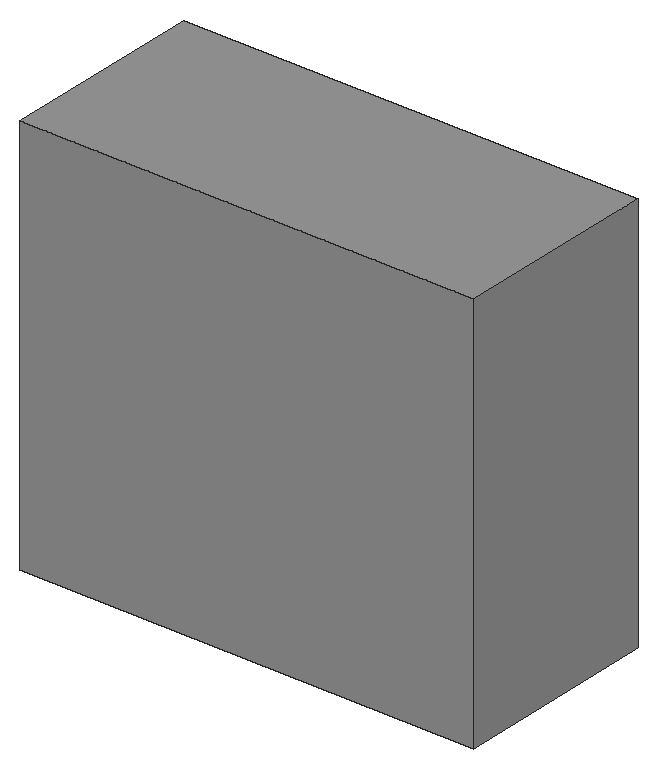
Revit family "AVLN_Тумба", category Мебель, Revit 2019
Family settings
  Номер OmniClass = 23.40.20.00
  Заголовок OmniClass = General Furniture and Specialties
  На основе рабочей плоскости = Нет
  Всегда вертикально = Да
  При загрузке вырезать с полостями = Нет
  Общий = Нет
  Точка расчета площади = Нет
Parameters (values of type "Тумба под апаратуру")
  Тумба с полкой = no
  Тумба = yes
  Description = ""
  Мойка = no
  М.основы = Ясень
  Type Comments = ""
  Keynote = ""
  Manufacturer = ""
  Группа модели = "Оборудование поликлиники"
  Высота вспомогательная = 600 mm
  ADSK_Размер_Ширина = 360 mm
  ADSK_Размер_Длина = 800 mm
  ADSK_Размер_Высота = 730 mm
  ADSK_Примечание [instance] = ""
  ADSK_Обозначение = ""
  ADSK_Наименование = "Тумба под апаратуру. Каркас ламинированная ДСП, 2 ниши, 2 двери, 800х360х730"
  ADSK_Масса = 0
  ADSK_Марка = ""
  ADSK_Код изделия = ""
  ADSK_Единица измерения = "шт"  # constant formula
Types (5, lengths in mm): name | Тумба с полкой | Тумба | Мойка | ADSK_Размер_Ширина | ADSK_Размер_Длина | ADSK_Размер_Высота | ADSK_Наименование
  (no name) | no | yes | no | 360 | 800 | 730 | "Тумба под апаратуру. Каркас ламинированная ДСП, 2 ниши, 2 двери, 800х360х730"
  Тумба передвижная | no | yes | no | 500 | 500 | 800 | "Тумба передвижная - столик врача с выдвижными ящиками, 500х500х800"
  Тумба | yes | no | no | 500 | 500 | 800 | "Тумба 500х500х800"
  Тумба с двойной мойкой | no | yes | yes | 500 | 1000 | 800 | "Тумба с двойной мойкой 1000х500х800"
  Тумба под апаратуру | no | yes | no | 360 | 800 | 730 | "Тумба под апаратуру. Каркас ламинированная ДСП, 2 ниши, 2 двери, 800х360х730"
Reference planes
  plane 1 "По центру (Вперед/Назад)": y = 0
  plane 2: z = 0
  plane 3 "По центру (Влево/Вправо)": x = 0
  plane 4: z = 730
  plane 5: y = 180
  plane 6: x = 400
  plane 7: x = -400
  plane 8: y = -180
  plane 9: y = -15
  plane 10: z = 600
Forms (mm)
  Extrusion 1, solid, material "Ясень" <- "М.основы", visible <- "Тумба с полкой"
    sketch origin (0, -518.993, 592.976) x (-1, 0, 0) y (0, -1, 0)
      loop
        line (400, -698.993) -> (400, -338.993) -> (-400, -338.993) -> (-400, -698.993) -> (400, -698.993)
    from -592.976 to 7.024
  Extrusion 2, solid, material "Ясень" <- "М.основы", visible <- "Тумба с полкой"
    sketch origin (0, -518.993, 632.976) x (-1, 0, 0) y (0, -1, 0)
      loop
        line (400, -698.993) -> (400, -338.993) -> (380, -338.993) -> (380, -678.993) -> (-380, -678.993) -> (-380, -338.993) -> (-400, -338.993) -> (-400, -698.993) -> (400, -698.993)
    from -32.976 to 77.024
  Extrusion 3, solid, material "Ясень" <- "М.основы", not visible
    sketch origin (0, -518.993, 592.976) x (-1, 0, 0) y (0, -1, 0)
      loop
        line (-400, -698.993) -> (400, -698.993) -> (400, -308.993) -> (-400, -308.993) -> (-400, -698.993)
    from 117.024 to 137.024
  Extrusion 4, solid, material "Ясень" <- "М.основы", visible <- "Тумба"
    sketch origin (0, -518.993, 592.976) x (-1, 0, 0) y (0, -1, 0)
      loop
        line (400, -698.993) -> (400, -338.993) -> (-400, -338.993) -> (-400, -698.993) -> (400, -698.993)
    from -592.976 to 117.024
Lines and regions (mm)
  model lines, visible <- "Тумба"
    curve 1: line (400, -180, 400) -> (-400, -180, 400)
    curve 2: line (400, -180, 600) -> (-400, -180, 600)
  model lines, visible <- "Мойка"
    curve 3: line (-370, 130, 592.976) -> (-30, 130, 592.976)
    curve 4: line (-370, -150, 592.976) -> (-370, 130, 592.976)
    curve 5: line (-30, -150, 592.976) -> (-370, -150, 592.976)
    curve 6: line (-30, 130, 592.976) -> (-30, -150, 592.976)
    curve 7: line (30, 130, 592.976) -> (370, 130, 592.976)
    curve 8: line (30, -150, 592.976) -> (30, 130, 592.976)
    curve 9: line (370, -150, 592.976) -> (30, -150, 592.976)
    curve 10: line (370, 130, 592.976) -> (370, -150, 592.976)
  symbolic lines, visible <- "Мойка"
    curve 11: line (-200, 242.571, 592.976) -> (-200, 207.571, 592.976)
    curve 12: line (-182.5, 225.071, 592.976) -> (-217.5, 225.071, 592.976)
    curve 13: circle (-200, 225.071, 592.976) r 15 normal (0, 0, 1)
    curve 17: line (200, 242.571, 592.976) -> (200, 207.571, 592.976)
    curve 18: line (217.5, 225.071, 592.976) -> (182.5, 225.071, 592.976)
    curve 19: circle (200, 225.071, 592.976) r 15 normal (0, 0, 1)
    curve 20: line (0, -210, 592.976) -> (0, 180, 592.976)
  symbolic lines, visible <- "Мойка", not visible
    curve 14: line (-248.926, 242.571, 592.976) -> (-248.926, 207.571, 592.976)
    curve 15: line (-231.426, 225.071, 592.976) -> (-266.426, 225.071, 592.976)
    curve 16: circle (-248.926, 225.071, 592.976) r 15 normal (0, 0, 1)
Dimensions and locks
  plane 2 to plane 4 = 730 mm
  equal spacing: plane 8, plane 1 "По центру (Вперед/Назад)", plane 5
  equal spacing: plane 7, plane 3 "По центру (Влево/Вправо)", plane 6
  "ADSK_Размер_Длина": plane 7 to plane 6
  "ADSK_Размер_Ширина": plane 5 to plane 8
  "ADSK_Размер_Высота": plane 2 to plane 4
  plane 9 to plane 8 = 165 mm
  plane 5 to plane 9 to plane 8 = 195 mm, 165 mm
  "Высота вспомогательная": plane 2 to plane 10
  locked: Extrusion 2 sketch curve to plane 6 at 20
  locked: plane 5 to Extrusion 2 sketch curve at 20
  locked: plane 7 to Extrusion 2 sketch curve at 20
  locked: Extrusion 2 to plane 4 at 20
  locked: plane 8 to Extrusion 3 sketch curve at 30
  locked: plane 2 to curve 1 at 400
  locked: plane 7 to curve 4 at 30
  locked: curve 6 to plane 3 "По центру (Влево/Вправо)" at 30
  locked: plane 3 "По центру (Влево/Вправо)" to curve 8 at 30
  locked: curve 10 to plane 6 at 30
  locked: plane 5 to curve 7 at 50
  locked: curve 9 to plane 8 at 30
  locked: curve 5 to plane 8 at 30
  locked: plane 5 to curve 3 at 50
  equal spacing: plane 7, curve 11, plane 3 "По центру (Влево/Вправо)"
  equal spacing: plane 3 "По центру (Влево/Вправо)", curve 17, plane 6
  aligned and locked: level to plane 2
  aligned and locked: Extrusion 1 sketch curve to plane 5
  aligned and locked: plane 7 to Extrusion 1 sketch curve
  aligned and locked: Extrusion 1 sketch curve to plane 8
  aligned and locked: Extrusion 1 sketch curve to plane 6
  aligned and locked: Extrusion 1 to plane 2
  aligned and locked: Extrusion 1 to plane 10
  aligned and locked: Extrusion 2 sketch curve to plane 6
  aligned and locked: Extrusion 2 sketch curve to plane 5
  aligned and locked: plane 7 to Extrusion 2 sketch curve
  aligned and locked: plane 8 to Extrusion 2 sketch curve
  aligned and locked: Extrusion 2 sketch curve to plane 8
  aligned and locked: Extrusion 2 to plane 10
  aligned and locked: Extrusion 3 sketch curve to plane 5
  aligned and locked: plane 6 to Extrusion 3 sketch curve
  aligned and locked: Extrusion 3 sketch curve to plane 7
  aligned and locked: Extrusion 3 to plane 4
  aligned and locked: Extrusion 3 to Extrusion 2
  aligned and locked: Extrusion 4 sketch curve to plane 5
  aligned and locked: plane 7 to Extrusion 4 sketch curve
  aligned and locked: Extrusion 4 sketch curve to plane 8
  aligned and locked: Extrusion 4 sketch curve to plane 6
  aligned and locked: Extrusion 4 to plane 2
  aligned and locked: Extrusion 4 to Extrusion 3
  aligned and locked: curve 2 to plane 10
  aligned and locked: plane 7 to curve 2
  aligned and locked: plane 6 to curve 2
  aligned and locked: plane 6 to curve 1
  aligned and locked: plane 7 to curve 1
  aligned and locked: plane 3 "По центру (Влево/Вправо)" to curve 20
  aligned and locked: Extrusion 3 to curve 20
  aligned and locked: plane 5 to curve 20
